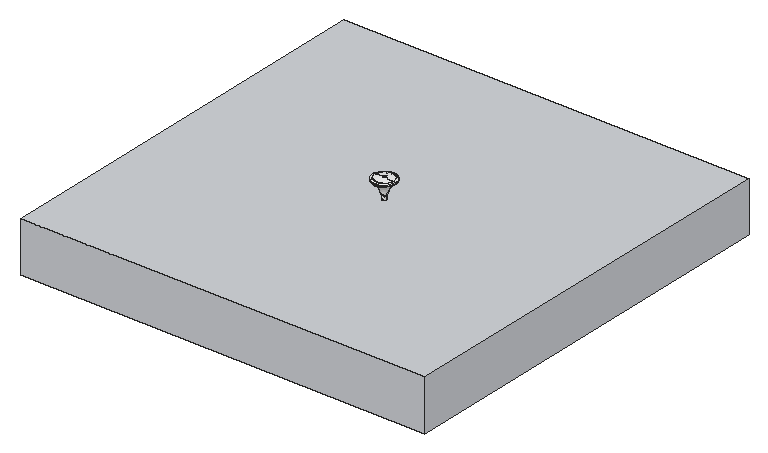
Revit family
Parameters (values of type "Chrome-Polished_Chrome-CP")
  Width = 0' - 5 1/2"
  WFU = 0
  URL = "http://www.us.kohler.com"
  Product Page URL = "http://www.us.kohler.com/onlinecatalog/detail.jsp?prod_num=10282-AK"
  Product Documentation Link = "http://www.us.kohler.com/onlinecatalog/pdf/1147271_4.pdf"
  Model = "K-10282-AK"  # constant formula
  Manufacturer = "Kohler"  # constant formula
  Length = 0' - 4 5/8"
  Hot Water Radius = 1/8"
  Hot Water Diameter = Hot Water Radius * 2  # 1/4"
  Hot Water Connector = "Hot Water Connector"  # constant formula
  Height = 0' - 5 1/2"
  HWFU = 0
  HW Connection = yes
  Finish = Chrome-Kohler-CP-Polished_Chrome
  Description = "Forté(R) single-function katalyst showerhead"  # constant formula
  Default Elevation = 0' - 0"
  Created By = "http://medialab3dstudio.com/"
  Cold Water Radius = 1/8"
  Cold Water Diameter = Cold Water Radius * 2  # 1/4"
  Cold Water Connector = "Cold Water Connector"  # constant formula
  CWFU = 0
  CW Connection = yes
  Assembly Code = "D2010"
  Actual Valve Water Flow = 2.5 GPM
  ADA Compliant = no
Types (6): name | Finish
  (no name) | Chrome-Kohler-CP-Polished_Chrome
  Brass-Vibrant_Polished_Brass-PB | Brass-Kohler-PB-Vibrant_Polished_Brass
  Chrome-Brushed_Chrome-G | Chrome-Kohler-G-Brushed_Chrome
  Chrome-Polished_Chrome-CP | Chrome-Kohler-CP-Polished_Chrome
  Gold-Vibrant_French_Gold-AF | Gold-Kohler-AF-Vibrant_French_Gold
  Nickel-Vibrant_Brushed_Nickel-BN | Nickel-Kohler-BN-Vibrant_Brushed_Nickel
Reference planes (in)
  plane 1 "Center (Front/Back)": y = 0
  plane 2: z = 0
  plane 3 "Center (Left/Right)": x = 0
  plane 4: x = -0.25
  plane 5: x = 0.25
  plane 6: x = -2.75
  plane 7: x = 2.75
  plane 8: y = 2.75
  plane 9: y = -2.75
  plane 10: z = 4.625
  plane 11: x = 0.1875
  plane 12: x = -0.1875
  plane 13: z = 0.18554
  plane 14: z = 0.74867
  plane 15: z = 0.96038
  plane 16: z = 1.07857
  plane 17: z = 1.15705
  plane 18: x = -0.65174
  plane 19: z = 1.18987
  plane 20: x = -0.69087
  plane 21: z = 4.09986
  plane 22: x = -2.73569
  plane 23: x = -2.72304
  plane 24: z = 4.14708
  plane 25: x = -2.69186
  plane 26: z = 4.187
  plane 27: x = -2.74584
  plane 28: z = 4.2278
  plane 29: x = -2.72003
  plane 30: x = -2.26901
  plane 31: z = 4.39896
  plane 32: x = -2.23796
  plane 33: z = 4.40059
  plane 34: x = -2.20683
  plane 35: z = 4.40919
  plane 36: x = -2.17471
  plane 37: x = -0.42255
  plane 38: z = 4.60598
  plane 39: z = 4.61802
  plane 40: z = 0.02382
  plane 41: x = -0.47339
  plane 42: x = -0.49338
  plane 43: x = -0.35058
  plane 44: x = -0.3344
  plane 45: x = -0.41288
  plane 46: x = -0.45843
  plane 47: z = 0.74867
  plane 48: z = 0.96038
  plane 49: z = 1.07857
  plane 50: z = 1.15705
  plane 51: x = -0.65174
  plane 52: z = 1.18987
  plane 53: x = -0.69087
  plane 54: z = 4.09986
  plane 55: x = -2.73569
  plane 56: x = -2.72304
  plane 57: z = 4.14708
  plane 58: x = -2.69186
  plane 59: z = 4.187
  plane 60: x = -2.74584
  plane 61: z = 4.2278
  plane 62: x = -2.72003
  plane 63: x = -2.26901
  plane 64: z = 4.39896
  plane 65: x = -2.23796
  plane 66: z = 4.40059
  plane 67: x = -2.20683
  plane 68: z = 4.40919
  plane 69: x = -2.17471
  plane 70: x = -0.42255
  plane 71: z = 4.60598
  plane 72: z = 4.61802
  plane 73: z = 0.02382
  plane 74: x = -0.47339
  plane 75: x = -0.49338
  plane 76: x = -0.35058
  plane 77: x = -0.3344
  plane 78: x = -0.41288
  plane 79: x = -0.45843
  plane 80: z = 0.74867
  plane 81: z = 0.96038
  plane 82: z = 1.07857
  plane 83: z = 1.15705
  plane 84: x = 0.65174
  plane 85: z = 1.18987
  plane 86: x = 0.69087
  plane 87: z = 4.09986
  plane 88: x = 2.73569
  plane 89: x = 2.72304
  plane 90: z = 4.14708
  plane 91: x = 2.69186
  plane 92: z = 4.187
  plane 93: x = 2.74584
  plane 94: z = 4.2278
  plane 95: x = 2.72003
  plane 96: x = 2.26901
  plane 97: z = 4.39896
  plane 98: x = 2.23796
  plane 99: z = 4.40059
  plane 100: x = 2.20683
  plane 101: z = 4.40919
  plane 102: x = 2.17471
  plane 103: x = 0.42255
  plane 104: z = 4.60598
  plane 105: z = 4.61802
  plane 106: z = 0.02382
  plane 107: x = 0.47339
  plane 108: x = 0.49338
  plane 109: x = 0.35058
  plane 110: x = 0.3344
  plane 111: x = 0.41288
  plane 112: x = 0.45843
  plane 113: z = 0.74867
  plane 114: z = 0.96038
  plane 115: z = 1.07857
  plane 116: z = 1.15705
  plane 117: y = 0.65174
  plane 118: z = 1.18987
  plane 119: y = 0.69087
  plane 120: z = 4.09986
  plane 121: y = 2.73569
  plane 122: y = 2.72304
  plane 123: z = 4.14708
  plane 124: y = 2.69186
  plane 125: z = 4.187
  plane 126: y = 2.74584
  plane 127: z = 4.2278
  plane 128: y = 2.72003
  plane 129: y = 2.26901
  plane 130: z = 4.39896
  plane 131: y = 2.23796
  plane 132: z = 4.40059
  plane 133: y = 2.20683
  plane 134: z = 4.40919
  plane 135: y = 2.17471
  plane 136: y = 0.42255
  plane 137: z = 4.60598
  plane 138: z = 4.61802
  plane 139: z = 0.02382
  plane 140: y = 0.47339
  plane 141: y = 0.49338
  plane 142: y = 0.35058
  plane 143: y = 0.3344
  plane 144: y = 0.41288
  plane 145: y = 0.45843
  plane 146: z = 0.74867
  plane 147: z = 0.96038
  plane 148: z = 1.07857
  plane 149: z = 1.15705
  plane 150: y = -0.65174
  plane 151: z = 1.18987
  plane 152: y = -0.69087
  plane 153: z = 4.09986
  plane 154: y = -2.73569
  plane 155: y = -2.72304
  plane 156: z = 4.14708
  plane 157: y = -2.69186
  plane 158: z = 4.187
  plane 159: y = -2.74584
  plane 160: z = 4.2278
  plane 161: y = -2.72003
  plane 162: y = -2.26901
  plane 163: z = 4.39896
  plane 164: y = -2.23796
  plane 165: z = 4.40059
  plane 166: y = -2.20683
  plane 167: z = 4.40919
  plane 168: y = -2.17471
  plane 169: y = -0.42255
  plane 170: z = 4.60598
  plane 171: z = 4.61802
  plane 172: z = 0.02382
  plane 173: y = -0.47339
  plane 174: y = -0.49338
  plane 175: y = -0.35058
  plane 176: y = -0.3344
  plane 177: y = -0.41288
  plane 178: y = -0.45843
  plane 179: x = -0.1875
  plane 180: x = 0.18649
  plane 181: x = -0.18851
  plane 182: x = -0.1875
  plane 183: x = -0.5625
Forms (in)
  Extrusion 1, solid
    sketch origin (0, 0, 0) x (1, 0, 0) y (0, 1, 0)
      loop
        line (-48, 48) -> (-48, -48) -> (48, -48) -> (48, 48) -> (-48, 48)
    from 0 to -12
  Revolve 2, solid, material "Chrome-Kohler-CP-Polished_Chrome" <- "Finish"
    sketch origin (0, 0, 0) x (1, 0, 0) y (0, 0, 1)
      loop
        line (0, 0) -> (0, 4.61802)
        arc (0, 4.61802) -> (-0.21134, 4.61431) -> (-0.42255, 4.60598) r 9.68413
        line (-0.42255, 4.60598) -> (-0.45843, 4.60598)
        arc (-0.45843, 4.60598) -> (-1.32025, 4.53963) -> (-2.17471, 4.40919) r 11.58402
        arc (-2.17471, 4.40919) -> (-2.19129, 4.40682) -> (-2.20683, 4.40059) r 0.07013
        line (-2.20683, 4.40059) -> (-2.23796, 4.40059)
        arc (-2.23796, 4.40059) -> (-2.25353, 4.40068) -> (-2.26901, 4.39896) r 0.13432
        line (-2.26901, 4.39896) -> (-2.72003, 4.2278)
        arc (-2.72003, 4.2278) -> (-2.74033, 4.21208) -> (-2.74584, 4.187) r 0.03766
        arc (-2.74584, 4.187) -> (-2.72543, 4.15815) -> (-2.69186, 4.14708) r 0.05646
        line (-2.69186, 4.14708) -> (-2.72304, 4.14708)
        arc (-2.72304, 4.14708) -> (-2.74754, 4.12834) -> (-2.73569, 4.09986) r 0.02528
        arc (-2.73569, 4.09986) -> (-1.38944, 2.87242) -> (-0.69087, 1.18987) r 4.19285
        arc (-0.69087, 1.18987) -> (-0.67728, 1.16634) -> (-0.65174, 1.15705) r 0.03973
        line (-0.65174, 1.15705) -> (-0.41288, 1.15705)
        arc (-0.41288, 1.15705) -> (-0.37547, 1.11598) -> (-0.3344, 1.07857) r 0.59653
        arc (-0.3344, 1.07857) -> (-0.30964, 1.01498) -> (-0.35058, 0.96038) r 0.07023
        arc (-0.35058, 0.96038) -> (-0.45434, 0.87636) -> (-0.49338, 0.74867) r 0.22834
        line (-0.49338, 0.74867) -> (-0.49338, 0.02382)
        arc (-0.49338, 0.02382) -> (-0.48894, 0.00725) -> (-0.47339, 0) r 0.0203
        line (-0.47339, 0) -> (0, 0)
      axis (0, 0) -> (0, 4.61802)
    angle from 0 to 360
  Extrusion 3, void
    sketch origin (0, 0, 0) x (1, 0, 0) y (0, 1, 0)
      loop
        arc (0.0625, 0) -> (0.09911, -0.08839) -> (0.1875, -0.125) r 0.125
        arc (0.1875, -0.125) -> (0.27589, -0.08839) -> (0.3125, 0) r 0.125
        arc (0.3125, 0) -> (0.27589, 0.08839) -> (0.1875, 0.125) r 0.125
        arc (0.1875, 0.125) -> (0.09911, 0.08839) -> (0.0625, 0) r 0.125
    from 0 to 0.18554
  Extrusion 4, void
    sketch origin (0, 0, 0) x (1, 0, 0) y (0, 1, 0)
      loop
        arc (-0.3125, 0) -> (-0.27589, -0.08839) -> (-0.1875, -0.125) r 0.125
        arc (-0.1875, -0.125) -> (-0.09911, -0.08839) -> (-0.0625, 0) r 0.125
        arc (-0.0625, 0) -> (-0.09911, 0.08839) -> (-0.1875, 0.125) r 0.125
        arc (-0.1875, 0.125) -> (-0.27589, 0.08839) -> (-0.3125, 0) r 0.125
    from 0 to 0.18554
  Extrusion 5, solid, not visible
    sketch origin (-0.00101, 0, 0) x (1, 0, 0) y (0, 1, 0)
      loop
        arc (0.0625, 0) -> (0.09911, -0.08839) -> (0.1875, -0.125) r 0.125
        arc (0.1875, -0.125) -> (0.27589, -0.08839) -> (0.3125, 0) r 0.125
        arc (0.3125, 0) -> (0.27589, 0.08839) -> (0.1875, 0.125) r 0.125
        arc (0.1875, 0.125) -> (0.09911, 0.08839) -> (0.0625, 0) r 0.125
    from 0 to 0.18554
  Extrusion 6, solid, not visible
    sketch origin (-0.375, 0, 0) x (1, 0, 0) y (0, 1, 0)
      loop
        arc (0.0625, 0) -> (0.09911, -0.08839) -> (0.1875, -0.125) r 0.125
        arc (0.1875, -0.125) -> (0.27589, -0.08839) -> (0.3125, 0) r 0.125
        arc (0.3125, 0) -> (0.27589, 0.08839) -> (0.1875, 0.125) r 0.125
        arc (0.1875, 0.125) -> (0.09911, 0.08839) -> (0.0625, 0) r 0.125
    from 0 to 0.18554
Cuts and joins
  Extrusion 3, Extrusion 4 cuts Revolve 2
Lines and regions (in)
  Masking region 1, detail levels coarse
    outline origin (0, 0, 0) x (1, 0, 0) y (0, 1, 0)
      loop
        line (-2.75, 2.75) -> (-2.75, -2.75) -> (2.75, -2.75) -> (2.75, 2.75) -> (-2.75, 2.75)
  Masking region 2, detail levels medium+fine
    outline origin (0, 0, 0) x (1, 0, 0) y (0, 1, 0)
      loop
        circle (0, 0) r 2.74584
  Masking region 3, detail levels coarse
    outline origin (0, 0, 0) x (1, 0, 0) y (0, 0, 1)
      loop
        line (-2.75, 4.625) -> (-2.75, 0) -> (2.75, 0) -> (2.75, 4.625) -> (-2.75, 4.625)
  Masking region 4, detail levels medium+fine
    outline origin (0, 0, 0) x (1, 0, 0) y (0, 0, 1)
      loop
        line (0, 0) -> (0.47339, 0)
        arc (0.47339, 0) -> (0.48894, 0.00725) -> (0.49338, 0.02382) r 0.0203
        line (0.49338, 0.02382) -> (0.49338, 0.74867)
        arc (0.49338, 0.74867) -> (0.45434, 0.87636) -> (0.35058, 0.96038) r 0.22834
        arc (0.35058, 0.96038) -> (0.30964, 1.01498) -> (0.3344, 1.07857) r 0.07023
        arc (0.3344, 1.07857) -> (0.37547, 1.11598) -> (0.41288, 1.15705) r 0.59653
        line (0.41288, 1.15705) -> (0.65174, 1.15705)
        arc (0.65174, 1.15705) -> (0.67728, 1.16634) -> (0.69087, 1.18987) r 0.03973
        arc (0.69087, 1.18987) -> (1.38944, 2.87242) -> (2.73569, 4.09986) r 4.19285
        arc (2.73569, 4.09986) -> (2.74754, 4.12834) -> (2.72304, 4.14708) r 0.02528
        line (2.72304, 4.14708) -> (2.69186, 4.14708)
        arc (2.69186, 4.14708) -> (2.72543, 4.15815) -> (2.74584, 4.187) r 0.05646
        arc (2.74584, 4.187) -> (2.74033, 4.21208) -> (2.72003, 4.2278) r 0.03766
        line (2.72003, 4.2278) -> (2.26901, 4.39896)
        arc (2.26901, 4.39896) -> (2.25353, 4.40068) -> (2.23796, 4.40059) r 0.13432
        line (2.23796, 4.40059) -> (2.20683, 4.40059)
        arc (2.20683, 4.40059) -> (2.19129, 4.40682) -> (2.17471, 4.40919) r 0.07013
        arc (2.17471, 4.40919) -> (1.32025, 4.53963) -> (0.45843, 4.60598) r 11.58402
        line (0.45843, 4.60598) -> (0.42255, 4.60598)
        arc (0.42255, 4.60598) -> (0.21134, 4.61431) -> (0, 4.61802) r 9.68413
        arc (0, 4.61802) -> (-0.21134, 4.61431) -> (-0.42255, 4.60598) r 9.68413
        line (-0.42255, 4.60598) -> (-0.45843, 4.60598)
        arc (-0.45843, 4.60598) -> (-1.32025, 4.53963) -> (-2.17471, 4.40919) r 11.58402
        arc (-2.17471, 4.40919) -> (-2.19129, 4.40682) -> (-2.20683, 4.40059) r 0.07013
        line (-2.20683, 4.40059) -> (-2.23796, 4.40059)
        arc (-2.23796, 4.40059) -> (-2.25353, 4.40068) -> (-2.26901, 4.39896) r 0.13432
        line (-2.26901, 4.39896) -> (-2.72003, 4.2278)
        arc (-2.72003, 4.2278) -> (-2.74033, 4.21208) -> (-2.74584, 4.187) r 0.03766
        arc (-2.74584, 4.187) -> (-2.72543, 4.15815) -> (-2.69186, 4.14708) r 0.05646
        line (-2.69186, 4.14708) -> (-2.72304, 4.14708)
        arc (-2.72304, 4.14708) -> (-2.74754, 4.12834) -> (-2.73569, 4.09986) r 0.02528
        arc (-2.73569, 4.09986) -> (-1.38944, 2.87242) -> (-0.69087, 1.18987) r 4.19285
        arc (-0.69087, 1.18987) -> (-0.67728, 1.16634) -> (-0.65174, 1.15705) r 0.03973
        line (-0.65174, 1.15705) -> (-0.41288, 1.15705)
        arc (-0.41288, 1.15705) -> (-0.37547, 1.11598) -> (-0.3344, 1.07857) r 0.59653
        arc (-0.3344, 1.07857) -> (-0.30964, 1.01498) -> (-0.35058, 0.96038) r 0.07023
        arc (-0.35058, 0.96038) -> (-0.45434, 0.87636) -> (-0.49338, 0.74867) r 0.22834
        line (-0.49338, 0.74867) -> (-0.49338, 0.02382)
        arc (-0.49338, 0.02382) -> (-0.48894, 0.00725) -> (-0.47339, 0) r 0.0203
        line (-0.47339, 0) -> (0, 0)
  Masking region 5, detail levels coarse
    outline origin (0, 0, 0) x (0, 1, 0) y (0, 0, 1)
      loop
        line (2.75, 4.625) -> (-2.75, 4.625) -> (-2.75, 0) -> (2.75, 0) -> (2.75, 4.625)
  Masking region 6, detail levels medium+fine
    outline origin (-3.18694, 0, 0) x (0, -1, 0) y (0, 0, 1)
      loop
        line (0, 0) -> (0.47339, 0)
        arc (0.47339, 0) -> (0.48894, 0.00725) -> (0.49338, 0.02382) r 0.0203
        line (0.49338, 0.02382) -> (0.49338, 0.74867)
        arc (0.49338, 0.74867) -> (0.45434, 0.87636) -> (0.35058, 0.96038) r 0.22834
        arc (0.35058, 0.96038) -> (0.30964, 1.01498) -> (0.3344, 1.07857) r 0.07023
        arc (0.3344, 1.07857) -> (0.37547, 1.11598) -> (0.41288, 1.15705) r 0.59653
        line (0.41288, 1.15705) -> (0.65174, 1.15705)
        arc (0.65174, 1.15705) -> (0.67728, 1.16634) -> (0.69087, 1.18987) r 0.03973
        arc (0.69087, 1.18987) -> (1.38944, 2.87242) -> (2.73569, 4.09986) r 4.19285
        arc (2.73569, 4.09986) -> (2.74754, 4.12834) -> (2.72304, 4.14708) r 0.02528
        line (2.72304, 4.14708) -> (2.69186, 4.14708)
        arc (2.69186, 4.14708) -> (2.72543, 4.15815) -> (2.74584, 4.187) r 0.05646
        arc (2.74584, 4.187) -> (2.74033, 4.21208) -> (2.72003, 4.2278) r 0.03766
        line (2.72003, 4.2278) -> (2.26901, 4.39896)
        arc (2.26901, 4.39896) -> (2.25353, 4.40068) -> (2.23796, 4.40059) r 0.13432
        line (2.23796, 4.40059) -> (2.20683, 4.40059)
        arc (2.20683, 4.40059) -> (2.19129, 4.40682) -> (2.17471, 4.40919) r 0.07013
        arc (2.17471, 4.40919) -> (1.32025, 4.53963) -> (0.45843, 4.60598) r 11.58402
        line (0.45843, 4.60598) -> (0.42255, 4.60598)
        arc (0.42255, 4.60598) -> (0.21134, 4.61431) -> (0, 4.61802) r 9.68413
        arc (0, 4.61802) -> (-0.21134, 4.61431) -> (-0.42255, 4.60598) r 9.68413
        line (-0.42255, 4.60598) -> (-0.45843, 4.60598)
        arc (-0.45843, 4.60598) -> (-1.32025, 4.53963) -> (-2.17471, 4.40919) r 11.58402
        arc (-2.17471, 4.40919) -> (-2.19129, 4.40682) -> (-2.20683, 4.40059) r 0.07013
        line (-2.20683, 4.40059) -> (-2.23796, 4.40059)
        arc (-2.23796, 4.40059) -> (-2.25353, 4.40068) -> (-2.26901, 4.39896) r 0.13432
        line (-2.26901, 4.39896) -> (-2.72003, 4.2278)
        arc (-2.72003, 4.2278) -> (-2.74033, 4.21208) -> (-2.74584, 4.187) r 0.03766
        arc (-2.74584, 4.187) -> (-2.72543, 4.15815) -> (-2.69186, 4.14708) r 0.05646
        line (-2.69186, 4.14708) -> (-2.72304, 4.14708)
        arc (-2.72304, 4.14708) -> (-2.74754, 4.12834) -> (-2.73569, 4.09986) r 0.02528
        arc (-2.73569, 4.09986) -> (-1.38944, 2.87242) -> (-0.69087, 1.18987) r 4.19285
        arc (-0.69087, 1.18987) -> (-0.67728, 1.16634) -> (-0.65174, 1.15705) r 0.03973
        line (-0.65174, 1.15705) -> (-0.41288, 1.15705)
        arc (-0.41288, 1.15705) -> (-0.37547, 1.11598) -> (-0.3344, 1.07857) r 0.59653
        arc (-0.3344, 1.07857) -> (-0.30964, 1.01498) -> (-0.35058, 0.96038) r 0.07023
        arc (-0.35058, 0.96038) -> (-0.45434, 0.87636) -> (-0.49338, 0.74867) r 0.22834
        line (-0.49338, 0.74867) -> (-0.49338, 0.02382)
        arc (-0.49338, 0.02382) -> (-0.48894, 0.00725) -> (-0.47339, 0) r 0.0203
        line (-0.47339, 0) -> (0, 0)
  symbolic lines, style "Masking Lines", detail levels fine
    curve 1: arc (2.26901, 0, 0) -> (0, 2.26901, 0) -> (-2.26901, 0, 0) r 2.26901
    curve 2: arc (2.17471, 0, 0) -> (0, 2.17471, 0) -> (-2.17471, 0, 0) r 2.17471
    curve 3: arc (-0.49338, 0, 0) -> (0, 0.49338, 0) -> (0.49338, 0, 0) r 0.49338
    curve 4: arc (0.49338, 0, 0) -> (0, -0.49338, 0) -> (-0.49338, 0, 0) r 0.49338
    curve 5: arc (-2.17471, 0, 0) -> (0, -2.17471, 0) -> (2.17471, 0, 0) r 2.17471
    curve 6: arc (-2.26901, 0, 0) -> (0, -2.26901, 0) -> (2.26901, 0, 0) r 2.26901
    curve 7: line (0.35058, 0, 0.96038) -> (-0.35058, 0, 0.96038)
    curve 8: line (-0.65174, 0, 1.15705) -> (0.65174, 0, 1.15705)
    curve 9: line (-2.72304, 0, 4.14708) -> (2.72304, 0, 4.14708)
    curve 10: line (2.74584, 0, 4.187) -> (-2.74584, 0, 4.187)
    curve 11: line (2.72003, 0, 4.2278) -> (-2.72003, 0, 4.2278)
    curve 12: line (2.26901, 0, 4.39896) -> (-2.26901, 0, 4.39896)
    curve 13: line (2.17471, 0, 4.40919) -> (-2.17471, 0, 4.40919)
    curve 14: line (-0.45843, 0, 4.60598) -> (0.45843, 0, 4.60598)
    curve 15: line (0, -0.41288, 1.15705) -> (0, 0.41288, 1.15705)
    curve 16: line (0, -0.35058, 0.96038) -> (0, 0.35058, 0.96038)
    curve 17: line (0, -2.72304, 4.14708) -> (0, 0, 4.14708)
    curve 18: line (0, 0, 4.14708) -> (0, 2.72304, 4.14708)
    curve 19: line (0, 2.74584, 4.187) -> (0, -2.74584, 4.187)
    curve 20: line (0, 2.72003, 4.2278) -> (0, -2.72003, 4.2278)
    curve 21: line (0, -2.21201, 4.39896) -> (0, 2.20965, 4.39896)
    curve 22: line (0, 0.45843, 4.60598) -> (0, -0.42255, 4.60598)
Dimensions and locks (in)
  equal spacing: plane 6, plane 3 "Center (Left/Right)", plane 7
  "Width": plane 6 to plane 7
  equal spacing: plane 8, plane 1 "Center (Front/Back)", plane 9
  "Height": plane 8 to plane 9
  "Length": plane 10 to plane 2
  plane 12 to plane 3 "Center (Left/Right)" to plane 11 = 0' - 0 3/16" locked, 0' - 0 3/16" locked
  locked: plane 179 to plane 3 "Center (Left/Right)" at 0.1875
  plane 181 to plane 180 = 0' - 0 3/8"
  plane 183 to plane 182 = 0' - 0 3/8"
  "Cold Water Radius": radius of Extrusion 3 sketch curve
  "Hot Water Radius": radius of Extrusion 4 sketch curve
  "Cold Water Radius": radius of Extrusion 5 sketch curve
  "Cold Water Radius": radius of Extrusion 6 sketch curve
  aligned and locked: plane 2 to Extrusion 1
  aligned and locked: level to Extrusion 1
  aligned and locked: Revolve 2 sketch curve to Revolve 2 sketch curve
  aligned and locked: Extrusion 3 to plane 2
  aligned and locked: plane 13 to Extrusion 3
  aligned and locked: plane 2 to Revolve 2 sketch curve  (x2)
  aligned and locked: plane 41 to Revolve 2 sketch curve
  aligned and locked: Revolve 2 sketch curve to plane 42
  aligned and locked: plane 40 to Revolve 2 sketch curve
  aligned and locked: plane 14 to Revolve 2 sketch curve
  aligned and locked: plane 42 to Revolve 2 sketch curve
  aligned and locked: plane 15 to Revolve 2 sketch curve
  aligned and locked: plane 43 to Revolve 2 sketch curve
  aligned and locked: plane 16 to Revolve 2 sketch curve
  aligned and locked: plane 44 to Revolve 2 sketch curve
  aligned and locked: plane 17 to Revolve 2 sketch curve  (x2)
  aligned and locked: plane 45 to Revolve 2 sketch curve
  aligned and locked: plane 18 to Revolve 2 sketch curve
  aligned and locked: plane 20 to Revolve 2 sketch curve
  aligned and locked: plane 19 to Revolve 2 sketch curve
  aligned and locked: plane 22 to Revolve 2 sketch curve
  aligned and locked: plane 21 to Revolve 2 sketch curve
  aligned and locked: plane 23 to Revolve 2 sketch curve
  aligned and locked: plane 25 to Revolve 2 sketch curve
  aligned and locked: plane 24 to Revolve 2 sketch curve
  aligned and locked: plane 26 to Revolve 2 sketch curve
  aligned and locked: plane 27 to Revolve 2 sketch curve
  aligned and locked: plane 28 to Revolve 2 sketch curve
  aligned and locked: plane 29 to Revolve 2 sketch curve
  aligned and locked: plane 30 to Revolve 2 sketch curve
  aligned and locked: plane 31 to Revolve 2 sketch curve
  aligned and locked: plane 32 to Revolve 2 sketch curve
  aligned and locked: plane 33 to Revolve 2 sketch curve  (x2)
  aligned and locked: plane 34 to Revolve 2 sketch curve
  aligned and locked: plane 35 to Revolve 2 sketch curve
  aligned and locked: plane 36 to Revolve 2 sketch curve
  aligned and locked: plane 38 to Revolve 2 sketch curve  (x2)
  aligned and locked: plane 46 to Revolve 2 sketch curve
  aligned and locked: plane 37 to Revolve 2 sketch curve
  aligned and locked: plane 3 "Center (Left/Right)" to Revolve 2 sketch curve  (x2)
  aligned and locked: plane 39 to Revolve 2 sketch curve
  aligned and locked: Masking region 1 sketch curve to plane 8
  aligned and locked: plane 7 to Masking region 1 sketch curve
  aligned and locked: plane 9 to Masking region 1 sketch curve
  aligned and locked: Masking region 1 sketch curve to plane 6
  aligned and locked: Masking region 2 sketch curve to cut or joined group of Revolve 2, Extrusion 3, Extrusion 4  (x2)
  aligned and locked: curve 1 to cut or joined group of Revolve 2, Extrusion 3, Extrusion 4
  aligned and locked: curve 2 to cut or joined group of Revolve 2, Extrusion 3, Extrusion 4
  aligned and locked: curve 3 to cut or joined group of Revolve 2, Extrusion 3, Extrusion 4
  aligned and locked: curve 4 to cut or joined group of Revolve 2, Extrusion 3, Extrusion 4
  aligned and locked: curve 5 to cut or joined group of Revolve 2, Extrusion 3, Extrusion 4
  aligned and locked: curve 6 to cut or joined group of Revolve 2, Extrusion 3, Extrusion 4
  aligned and locked: Masking region 3 sketch curve to plane 10
  aligned and locked: plane 7 to Masking region 3 sketch curve
  aligned and locked: plane 2 to Masking region 3 sketch curve
  aligned and locked: Masking region 3 sketch curve to plane 6
  aligned and locked: plane 74 to Masking region 4 sketch curve
  aligned and locked: Masking region 4 sketch curve to plane 75
  aligned and locked: plane 73 to Masking region 4 sketch curve
  aligned and locked: plane 47 to Masking region 4 sketch curve
  aligned and locked: plane 75 to Masking region 4 sketch curve
  aligned and locked: plane 48 to Masking region 4 sketch curve
  aligned and locked: plane 76 to Masking region 4 sketch curve
  aligned and locked: plane 49 to Masking region 4 sketch curve
  aligned and locked: plane 77 to Masking region 4 sketch curve
  aligned and locked: plane 50 to Masking region 4 sketch curve  (x2)
  aligned and locked: plane 78 to Masking region 4 sketch curve
  aligned and locked: plane 51 to Masking region 4 sketch curve
  aligned and locked: plane 53 to Masking region 4 sketch curve
  aligned and locked: plane 52 to Masking region 4 sketch curve
  aligned and locked: plane 55 to Masking region 4 sketch curve
  aligned and locked: plane 54 to Masking region 4 sketch curve
  aligned and locked: plane 56 to Masking region 4 sketch curve
  aligned and locked: plane 58 to Masking region 4 sketch curve
  aligned and locked: plane 57 to Masking region 4 sketch curve
  aligned and locked: plane 59 to Masking region 4 sketch curve
  aligned and locked: plane 60 to Masking region 4 sketch curve
  aligned and locked: plane 61 to Masking region 4 sketch curve
  aligned and locked: plane 62 to Masking region 4 sketch curve
  aligned and locked: plane 63 to Masking region 4 sketch curve
  aligned and locked: plane 64 to Masking region 4 sketch curve
  aligned and locked: plane 65 to Masking region 4 sketch curve
  aligned and locked: plane 66 to Masking region 4 sketch curve  (x2)
  aligned and locked: plane 67 to Masking region 4 sketch curve
  aligned and locked: plane 68 to Masking region 4 sketch curve
  aligned and locked: plane 69 to Masking region 4 sketch curve
  aligned and locked: plane 71 to Masking region 4 sketch curve  (x2)
  aligned and locked: plane 79 to Masking region 4 sketch curve
  aligned and locked: plane 70 to Masking region 4 sketch curve
  aligned and locked: plane 107 to Masking region 4 sketch curve
  aligned and locked: Masking region 4 sketch curve to plane 2
  aligned and locked: plane 2 to Masking region 4 sketch curve
  aligned and locked: plane 106 to Masking region 4 sketch curve
  aligned and locked: plane 108 to Masking region 4 sketch curve  (x2)
  aligned and locked: plane 80 to Masking region 4 sketch curve
  aligned and locked: plane 81 to Masking region 4 sketch curve
  aligned and locked: plane 109 to Masking region 4 sketch curve
  aligned and locked: plane 110 to Masking region 4 sketch curve
  aligned and locked: plane 82 to Masking region 4 sketch curve
  aligned and locked: plane 111 to Masking region 4 sketch curve
  aligned and locked: plane 83 to Masking region 4 sketch curve  (x2)
  aligned and locked: plane 84 to Masking region 4 sketch curve
  aligned and locked: plane 86 to Masking region 4 sketch curve
  aligned and locked: plane 85 to Masking region 4 sketch curve
  aligned and locked: plane 88 to Masking region 4 sketch curve
  aligned and locked: plane 87 to Masking region 4 sketch curve
  aligned and locked: plane 89 to Masking region 4 sketch curve
  aligned and locked: Masking region 4 sketch curve to plane 90
  aligned and locked: plane 90 to Masking region 4 sketch curve
  aligned and locked: plane 91 to Masking region 4 sketch curve
  aligned and locked: plane 92 to Masking region 4 sketch curve
  aligned and locked: plane 93 to Masking region 4 sketch curve
  aligned and locked: plane 95 to Masking region 4 sketch curve
  aligned and locked: plane 94 to Masking region 4 sketch curve
  aligned and locked: plane 96 to Masking region 4 sketch curve
  aligned and locked: plane 97 to Masking region 4 sketch curve
  aligned and locked: plane 98 to Masking region 4 sketch curve
  aligned and locked: plane 99 to Masking region 4 sketch curve  (x2)
  aligned and locked: plane 100 to Masking region 4 sketch curve
  aligned and locked: plane 101 to Masking region 4 sketch curve
  aligned and locked: plane 102 to Masking region 4 sketch curve
  aligned and locked: plane 112 to Masking region 4 sketch curve
  aligned and locked: Masking region 4 sketch curve to plane 104
  aligned and locked: plane 103 to Masking region 4 sketch curve
  aligned and locked: plane 104 to Masking region 4 sketch curve
  aligned and locked: plane 3 "Center (Left/Right)" to Masking region 4 sketch curve
  aligned and locked: plane 105 to Masking region 4 sketch curve
  aligned and locked: curve 7 to cut or joined group of Revolve 2, Extrusion 3, Extrusion 4
  aligned and locked: curve 8 to cut or joined group of Revolve 2, Extrusion 3, Extrusion 4
  aligned and locked: curve 9 to cut or joined group of Revolve 2, Extrusion 3, Extrusion 4
  aligned and locked: curve 10 to cut or joined group of Revolve 2, Extrusion 3, Extrusion 4
  aligned and locked: curve 11 to cut or joined group of Revolve 2, Extrusion 3, Extrusion 4
  aligned and locked: curve 12 to cut or joined group of Revolve 2, Extrusion 3, Extrusion 4
  aligned and locked: curve 13 to cut or joined group of Revolve 2, Extrusion 3, Extrusion 4
  aligned and locked: curve 14 to cut or joined group of Revolve 2, Extrusion 3, Extrusion 4
  aligned and locked: Masking region 5 sketch curve to plane 10
  aligned and locked: plane 9 to Masking region 5 sketch curve
  aligned and locked: plane 2 to Masking region 5 sketch curve
  aligned and locked: Masking region 5 sketch curve to plane 8
  aligned and locked: plane 140 to Masking region 6 sketch curve
  aligned and locked: Masking region 6 sketch curve to plane 141
  aligned and locked: plane 139 to Masking region 6 sketch curve
  aligned and locked: plane 113 to Masking region 6 sketch curve
  aligned and locked: plane 141 to Masking region 6 sketch curve
  aligned and locked: plane 114 to Masking region 6 sketch curve
  aligned and locked: plane 142 to Masking region 6 sketch curve
  aligned and locked: plane 115 to Masking region 6 sketch curve
  aligned and locked: plane 143 to Masking region 6 sketch curve
  aligned and locked: plane 116 to Masking region 6 sketch curve  (x2)
  aligned and locked: plane 144 to Masking region 6 sketch curve
  aligned and locked: plane 117 to Masking region 6 sketch curve
  aligned and locked: plane 119 to Masking region 6 sketch curve
  aligned and locked: plane 118 to Masking region 6 sketch curve
  aligned and locked: plane 121 to Masking region 6 sketch curve
  aligned and locked: plane 120 to Masking region 6 sketch curve
  aligned and locked: plane 122 to Masking region 6 sketch curve
  aligned and locked: plane 124 to Masking region 6 sketch curve
  aligned and locked: plane 123 to Masking region 6 sketch curve
  aligned and locked: plane 125 to Masking region 6 sketch curve
  aligned and locked: plane 126 to Masking region 6 sketch curve
  aligned and locked: plane 127 to Masking region 6 sketch curve
  aligned and locked: plane 128 to Masking region 6 sketch curve
  aligned and locked: plane 129 to Masking region 6 sketch curve
  aligned and locked: plane 130 to Masking region 6 sketch curve
  aligned and locked: plane 131 to Masking region 6 sketch curve
  aligned and locked: plane 132 to Masking region 6 sketch curve  (x2)
  aligned and locked: plane 133 to Masking region 6 sketch curve
  aligned and locked: plane 134 to Masking region 6 sketch curve
  aligned and locked: plane 135 to Masking region 6 sketch curve
  aligned and locked: plane 137 to Masking region 6 sketch curve  (x2)
  aligned and locked: plane 145 to Masking region 6 sketch curve
  aligned and locked: plane 136 to Masking region 6 sketch curve
  aligned and locked: plane 173 to Masking region 6 sketch curve
  aligned and locked: plane 172 to Masking region 6 sketch curve
  aligned and locked: plane 174 to Masking region 6 sketch curve  (x2)
  aligned and locked: plane 146 to Masking region 6 sketch curve
  aligned and locked: plane 147 to Masking region 6 sketch curve
  aligned and locked: plane 175 to Masking region 6 sketch curve
  aligned and locked: plane 176 to Masking region 6 sketch curve
  aligned and locked: plane 148 to Masking region 6 sketch curve
  aligned and locked: plane 177 to Masking region 6 sketch curve
  aligned and locked: plane 149 to Masking region 6 sketch curve  (x2)
  aligned and locked: plane 150 to Masking region 6 sketch curve
  aligned and locked: plane 152 to Masking region 6 sketch curve
  aligned and locked: plane 151 to Masking region 6 sketch curve
  aligned and locked: plane 154 to Masking region 6 sketch curve
  aligned and locked: plane 153 to Masking region 6 sketch curve
  aligned and locked: plane 155 to Masking region 6 sketch curve
  aligned and locked: Masking region 6 sketch curve to plane 156
  aligned and locked: plane 156 to Masking region 6 sketch curve
  aligned and locked: plane 157 to Masking region 6 sketch curve
  aligned and locked: plane 158 to Masking region 6 sketch curve
  aligned and locked: plane 159 to Masking region 6 sketch curve
  aligned and locked: plane 161 to Masking region 6 sketch curve
  aligned and locked: plane 160 to Masking region 6 sketch curve
  aligned and locked: plane 162 to Masking region 6 sketch curve
  aligned and locked: plane 163 to Masking region 6 sketch curve
  aligned and locked: plane 164 to Masking region 6 sketch curve
  aligned and locked: plane 165 to Masking region 6 sketch curve  (x2)
  aligned and locked: plane 166 to Masking region 6 sketch curve
  aligned and locked: plane 167 to Masking region 6 sketch curve
  aligned and locked: plane 168 to Masking region 6 sketch curve
  aligned and locked: plane 178 to Masking region 6 sketch curve
  aligned and locked: Masking region 6 sketch curve to plane 170
  aligned and locked: plane 169 to Masking region 6 sketch curve
  aligned and locked: plane 170 to Masking region 6 sketch curve
  aligned and locked: plane 171 to Masking region 6 sketch curve
  aligned and locked: cut or joined group of Revolve 2, Extrusion 3, Extrusion 4 to curve 15
  aligned and locked: curve 17 to cut or joined group of Revolve 2, Extrusion 3, Extrusion 4
  aligned and locked: curve 18 to cut or joined group of Revolve 2, Extrusion 3, Extrusion 4
  aligned and locked: plane 179 to Extrusion 4 sketch curve  (x2)
  aligned and locked: plane 1 "Center (Front/Back)" to Extrusion 4 sketch curve  (x2)
  aligned and locked: Extrusion 4 to plane 2
  aligned and locked: plane 13 to Extrusion 4
  aligned and locked: plane 180 to Extrusion 5 sketch curve
  aligned and locked: plane 1 "Center (Front/Back)" to Extrusion 5 sketch curve
  aligned and locked: plane 182 to Extrusion 6 sketch curve
  aligned and locked: plane 1 "Center (Front/Back)" to Extrusion 6 sketch curve
Automatic sketch dimensions
  curve 18 to plane 1 "Center (Front/Back)" = 0' - 0"
  plane 1 "Center (Front/Back)" to curve 16 = 0' - 0.35058"
  curve 15 to curve 16 = 0' - 0.0623"
  curve 22 to plane 10 = 0' - 0.01902"
  plane 1 "Center (Front/Back)" to curve 22 = 0' - 0.42255"
  curve 21 to plane 10 = 0' - 0.22604"
  plane 9 to curve 21 = 0' - 0.53799"
  plane 9 to curve 20 = 0' - 0.02997"
  plane 9 to curve 17 = 0' - 0.02696"
  plane 9 to curve 19 = 0' - 0.00416"
  curve 16 to plane 1 "Center (Front/Back)" = 0' - 0.35058"
  curve 16 to curve 15 = 0' - 0.0623"
  curve 22 to plane 1 "Center (Front/Back)" = 0' - 0.45843"
  curve 21 to plane 8 = 0' - 0.54035"
  curve 20 to plane 8 = 0' - 0.02997"
  curve 18 to plane 8 = 0' - 0.02696"
  curve 19 to plane 8 = 0' - 0.00416"
  curve 16 to curve 15 = 0' - 0.19666"
  curve 18 to curve 19 = 0' - 0.03992"
  curve 19 to curve 20 = 0' - 0.0408"
  curve 10 to plane 6 = 0' - 0.00416"
  curve 9 to plane 6 = 0' - 0.02696"
  curve 11 to plane 6 = 0' - 0.02997"
  curve 12 to plane 6 = 0' - 0.48099"
  curve 12 to curve 13 = 0' - 0.09429"
  plane 4 to curve 8 = 0' - 0.40174"
  plane 4 to curve 14 = 0' - 0.20843"
  plane 4 to curve 7 = 0' - 0.10058"
  curve 7 to plane 5 = 0' - 0.10058"
  curve 14 to plane 5 = 0' - 0.20843"
  curve 7 to curve 8 = 0' - 0.30117"
  plane 7 to curve 13 = 0' - 0.57529"
  curve 13 to curve 12 = 0' - 0.09429"
  plane 7 to curve 11 = 0' - 0.02997"
  plane 7 to curve 9 = 0' - 0.02696"
  plane 7 to curve 10 = 0' - 0.00416"
  Extrusion 1 sketch curve to Extrusion 1 sketch curve = 8' - 0"  (x2)
  Revolve 2 sketch curve to plane 21 = 0' - 0"
  Revolve 2 sketch curve to plane 19 = 0' - 0"
  Revolve 2 sketch curve to plane 16 = 0' - 0"
  Revolve 2 sketch curve to level = 0' - 0"
  Revolve 2 sketch curve to plane 39 = 0' - 0"
  Revolve 2 sketch curve to plane 26 = 0' - 0.00495"
  plane 32 to Revolve 2 sketch curve = 0' - 0.00854"
  Revolve 2 sketch curve to plane 36 = 0' - 0.00158"
  Revolve 2 sketch curve to Revolve 2 sketch curve = 0' - 0.02864"
  Revolve 2 sketch curve to plane 3 "Center (Left/Right)" = 0' - 0.00068"
  plane 3 "Center (Left/Right)" to Revolve 2 sketch curve = 0' - 0.0644"
  Extrusion 3 sketch curve to Extrusion 3 sketch curve = 0' - 0"
  plane 1 "Center (Front/Back)" to Extrusion 3 sketch curve = 0' - 0"
  Extrusion 3 sketch curve to plane 11 = 0' - 0"
  Masking region 4 sketch curve to plane 54 = 0' - 0"  (x2)
  Masking region 4 sketch curve to plane 52 = 0' - 0"  (x2)
  Masking region 4 sketch curve to plane 49 = 0' - 0"  (x2)
  Masking region 4 sketch curve to plane 3 "Center (Left/Right)" = 0' - 0"
  Masking region 4 sketch curve to plane 59 = 0' - 0.00495"  (x2)
  plane 65 to Masking region 4 sketch curve = 0' - 0.00854"
  Masking region 4 sketch curve to plane 69 = 0' - 0.00158"
  Masking region 4 sketch curve to Masking region 4 sketch curve = 0' - 0.04482"
  Masking region 4 sketch curve to plane 3 "Center (Left/Right)" = 0' - 0.0644"
  Masking region 4 sketch curve to plane 3 "Center (Left/Right)" = 0' - 0.04634"
  Masking region 4 sketch curve to plane 3 "Center (Left/Right)" = 0' - 0.00068"
  plane 3 "Center (Left/Right)" to Masking region 4 sketch curve = 0' - 0.00068"
  plane 3 "Center (Left/Right)" to Masking region 4 sketch curve = 0' - 0.0644"
  Masking region 4 sketch curve to plane 102 = 0' - 0.00158"
  plane 98 to Masking region 4 sketch curve = 0' - 0.00854"
  plane 120 to Masking region 6 sketch curve = 0' - 0"  (x2)
  plane 118 to Masking region 6 sketch curve = 0' - 0"  (x2)
  plane 115 to Masking region 6 sketch curve = 0' - 0"  (x2)
  Masking region 6 sketch curve to plane 1 "Center (Front/Back)" = 0' - 0"  (x2)
  Masking region 6 sketch curve to level = 0' - 0"
  Masking region 6 sketch curve to plane 125 = 0' - 0.00495"  (x2)
  plane 131 to Masking region 6 sketch curve = 0' - 0.00854"
  Masking region 6 sketch curve to plane 135 = 0' - 0.00158"
  Masking region 6 sketch curve to Masking region 6 sketch curve = 0' - 0.02864"
  Masking region 6 sketch curve to plane 1 "Center (Front/Back)" = 0' - 0.0644"
  Masking region 6 sketch curve to plane 1 "Center (Front/Back)" = 0' - 0.04634"
  Masking region 6 sketch curve to plane 1 "Center (Front/Back)" = 0' - 0.00068"
  plane 1 "Center (Front/Back)" to Masking region 6 sketch curve = 0' - 0.00068"
  plane 1 "Center (Front/Back)" to Masking region 6 sketch curve = 0' - 0.0644"
  Masking region 6 sketch curve to plane 168 = 0' - 0.00158"
  plane 164 to Masking region 6 sketch curve = 0' - 0.00854"
  Extrusion 5 sketch curve to Extrusion 5 sketch curve = 0' - 0"
  Extrusion 6 sketch curve to Extrusion 6 sketch curve = 0' - 0"
Connectors (in)
  piping at (0.18649, 0, 0), driven by "Actual Valve Water Flow", driven by "Cold Water Radius", driven by "CW Connection", driven by "Cold Water Connector", driven by "CWFU"
    settings: on Extrusion 5, index 1, connector radius 1/8", flow factor 0, pipe flow 2.5 GPM, pressure drop 0.00 psi, fitting loss kfactor 0, connector angle 0.00°, fixture units 0, flow configuration 3, flow direction 1, fitting loss method 0, system type 20, connector reference index -1, connector utility 1, adjustable connector no, is connector primary yes, fitting loss table "", connector description "Cold Water Connector"
  piping at (-0.1875, 0, 0), driven by "Actual Valve Water Flow", driven by "Hot Water Radius", driven by "HW Connection", driven by "Hot Water Connector", driven by "HWFU"
    settings: on Extrusion 6, index 2, connector radius 1/8", flow factor 0, pipe flow 2.5 GPM, pressure drop 0.00 psi, fitting loss kfactor 0, connector angle 0.00°, fixture units 0, flow configuration 3, flow direction 1, fitting loss method 0, system type 19, connector reference index -1, connector utility 1, adjustable connector no, is connector primary no, fitting loss table "", connector description "Hot Water Connector"
